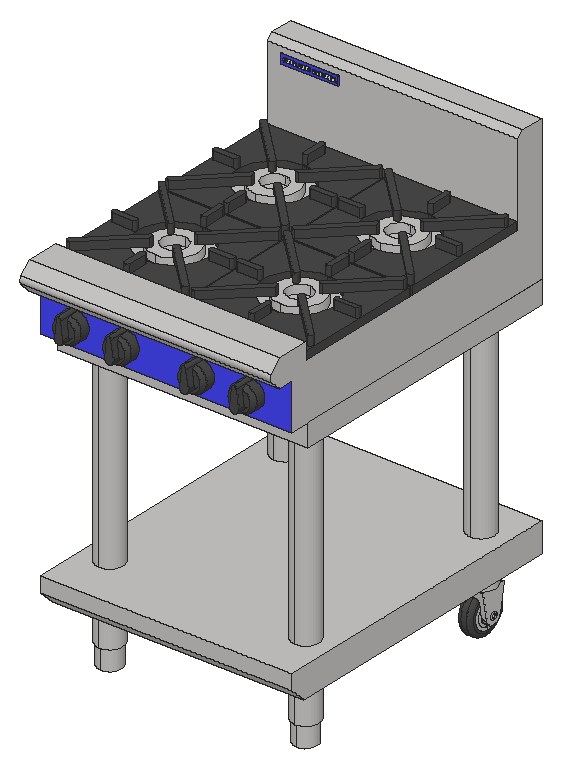
Revit family "QF_MOFFAT_BLUESEAL_CE_G514D-LS", category Specialty Equipment, Revit 2012
Parameters
  Weight in Pounds = 176  # constant formula
  URL Cutsheet = "www.moffat.com"
  URL = "www.moffat.com"
  Type Mark [instance] = ""
  Status [instance] = ""
  Specification by User [instance] = ""
  Specification by Manufacturer = ""
  Show Logo [instance] = yes
  Show Casters [instance] = yes
  Serial Number = ""
  Seismic Rating = ""
  SMACNA No = ""
  Revision Code [instance] = ""
  Omniclass Number and Title = ""
  NAFEM Spec ID Number = ""
  Model = "G514D-LS"
  Mechanical Remarks = ""
  Mechanical Connection Type = ""
  Masterspec = ""
  Manufacturer = "MOFFAT BLUESEAL"
  Legs [instance] = not(Show Casters)  # no
  Item Number [instance] = ""
  Installed By [instance] = ""
  Identify Quantity as Lot [instance] = yes
  Gas Size = 3/4"
  Gas RI Height = 0 mm
  Gas KW = 31
  Gas Input = 106155.0 Btu/h
  Gas Connection Height = 0 mm
  Furnished By [instance] = ""
  Foodservice Equipment Identifier [instance] = yes
  Description = "600MM GAS COOK TOP ON LEG STAND"
  CSI MasterFormat = ""
  CSI Master Format = ""
  Base Height [instance] = 150 mm
Reference planes
  plane 1 "BACK": y = 0
  plane 2: z = 0
  plane 3 "LEFT": x = 0
  plane 4 "RIGHT": x = 600
  plane 5 "FRONT": y = -812
  plane 6 "TOP": z = 970
  plane 7 "Center Y": x = 300
  plane 8 "Center X": y = -406
  plane 9 "Base Height": z = 150
  plane 10: z = 915
  plane 11: y = -31
  plane 12: x = 470
  plane 13: z = 1085
  plane 14: y = -625
  plane 15: y = -100
  plane 16: z = 655
Forms (mm)
  Extrusion 1, solid, material "QF_Finishes_Stainless Steel"
    sketch origin (0, 0, 0) x (0, 1, 0) y (0, 0, 1)
      loop
        line (-749, 850) -> (-749, 740) -> (0, 740) -> (0, 1085) -> (-57.5, 1085) -> (-70, 1072.5) -> (-70, 875) -> (-705, 875) -> (-705, 915) -> (-783.97, 915) -> (-808.485, 890.485)
        arc (-808.485, 890.485) -> (-811.999, 882) -> (-808.485, 873.515) r 12
        line (-808.485, 873.515) -> (-784.97, 850) -> (-749, 850)
      loop
        line (0, 685) -> (0, 739.5) -> (-699, 739.5) -> (-699, 685) -> (0, 685)
      loop
        line (0, 222.5) -> (-749, 222.5) -> (-749, 186) -> (-713, 150) -> (0, 150) -> (0, 222.5)
    from 0 to 600
  Revolve 2, solid, material "QF_Finishes_Black"
    sketch origin (90, 7, 600) x (0, 1, 0) y (0, 0, -1)
      loop
        line (-789, -229.5) -> (-766, -229.5) -> (-766, -202) -> (-756, -202) -> (-756, -197) -> (-800, -197) -> (-800, -223.651) -> (-789, -229.5)
      axis (-800, -197) -> (-756, -197)
    angle from 0 to 360
  Extrusion 3, solid, material "QF_Finishes_Black"
    sketch origin (90, -759, 797) x (0, 0, 1) y (1, 0, 0)
      loop
        arc (32.192, -4.965) -> (37.079, 0.034) -> (32.192, 5.033) r 5
        line (32.192, 5.033) -> (-10.726, 10.453)
        arc (-10.726, 10.453) -> (-22.392, 0.618) -> (-11.893, -10.454) r 10.487
        line (-11.893, -10.454) -> (32.192, -4.965)
    from 0 to -49
  Extrusion 4, solid, material "QF_Finishes_Stainless Steel"
    sketch origin (0, 0, 222.5) x (0, -1, 0) y (1, 0, 0)
      loop
        circle (100, 65) r 31.75
      loop
        circle (625, 65) r 31.75
      loop
        circle (100, 535) r 31.75
      loop
        circle (625, 535) r 31.75
    from 0 to 462.5
  Revolve 5, solid, material "QF_Finishes_Stainless Steel", visible <- "Legs"
    sketch origin (65.5, -166, 0) x (0, 1, 0) y (0, 0, 1)
      loop
        line (34.25, 150) -> (34.25, 50) -> (38.5, 50) -> (38.5, 0) -> (66, 0) -> (66, 150) -> (34.25, 150)
      axis (66, 150) -> (66, 0)
    angle from 0 to 360
  Revolve 6, solid, material "QF_Finishes_Stainless Steel"
    sketch origin (65.5, -735, 0) x (0, 1, 0) y (0, 0, 1)
      loop
        line (78.25, 150) -> (78.25, 50) -> (82.5, 50) -> (82.5, 0) -> (110, 0) -> (110, 150) -> (78.25, 150)
      axis (110, 150) -> (110, 0)
    angle from 0 to 360
  Revolve 7, solid, material "QF_Finishes_Stainless Steel", visible <- "Legs"
    sketch origin (534.5, -166, 0) x (0, 1, 0) y (0, 0, -1)
      loop
        line (34.25, -150) -> (66, -150) -> (66, 0) -> (38.5, 0) -> (38.5, -50) -> (34.25, -50) -> (34.25, -150)
      axis (66, -150) -> (66, 0)
    angle from 0 to 360
  Revolve 8, solid, material "QF_Finishes_Stainless Steel"
    sketch origin (534.5, -728, 0) x (0, 1, 0) y (0, 0, -1)
      loop
        line (71.25, -150) -> (103, -150) -> (103, 0) -> (75.5, 0) -> (75.5, -50) -> (71.25, -50) -> (71.25, -150)
      axis (103, -150) -> (103, 0)
    angle from 0 to 360
  Revolve 9, solid, material "QF_Finishes_Black"
    sketch origin (390, 7, 600) x (0, 1, 0) y (0, 0, -1)
      loop
        line (-789, -229.5) -> (-766, -229.5) -> (-766, -202) -> (-756, -202) -> (-756, -197) -> (-800, -197) -> (-800, -223.651) -> (-789, -229.5)
      axis (-800, -197) -> (-756, -197)
    angle from 0 to 360
  Extrusion 10, solid, material "QF_Finishes_Black"
    sketch origin (390, -759, 797) x (0, 0, 1) y (1, 0, 0)
      loop
        arc (32.192, -4.965) -> (37.079, 0.034) -> (32.192, 5.033) r 5
        line (32.192, 5.033) -> (-10.726, 10.453)
        arc (-10.726, 10.453) -> (-22.392, 0.618) -> (-11.893, -10.454) r 10.487
        line (-11.893, -10.454) -> (32.192, -4.965)
    from 0 to -49
  Revolve 11, solid, material "QF_Finishes_Stainless Steel", visible <- "Show Casters"
    sketch origin (16.276, -100.755, -13.653) x (1, 0, 0) y (0, 0, 1)
      loop
        line (14.841, 63.604) -> (83.584, 63.604) -> (83.584, 67.109) -> (82.314, 68.379) -> (80.79, 68.379) -> (80.79, 71.826) -> (68.644, 71.826) -> (68.644, 81.79) -> (65.088, 83.843) -> (63.738, 92.179) -> (65.881, 92.179) -> (65.881, 98.529) -> (65.088, 98.529) -> (65.088, 104.879)
        arc (65.088, 104.879) -> (62.298, 111.614) -> (55.563, 114.404) r 9.525
        line (55.563, 114.404) -> (42.863, 114.404)
        arc (42.863, 114.404) -> (36.127, 111.614) -> (33.338, 104.879) r 9.525
        line (33.338, 104.879) -> (33.338, 98.529) -> (32.544, 98.529) -> (32.544, 92.179) -> (34.687, 92.179) -> (33.352, 83.932) -> (29.782, 81.871) -> (29.782, 71.826) -> (17.635, 71.826) -> (17.635, 68.379) -> (16.111, 68.379) -> (14.841, 67.109) -> (14.841, 63.604)
      axis (14.841, 63.604) -> (83.584, 63.604)
    angle from 0 to 360
  Extrusion 12, solid, material "QF_Finishes_Stainless Steel", visible <- "Show Casters"
    sketch origin (72.001, 132.353, -8.783) x (0, 1, 0) y (0, 0, 1)
      loop
        line (-200.603, 118.783) -> (-264.103, 118.783) -> (-251.746, 53.895)
        arc (-251.746, 53.895) -> (-232.353, 38.783) -> (-212.959, 53.895) r 20
        line (-212.959, 53.895) -> (-200.603, 118.783)
    from -35.667 to 22.923
  Revolve 13, solid, material "QF_Finishes_Stainless Steel", visible <- "Show Casters"
    sketch origin (65.5, -204, 0) x (0, 1, 0) y (0, 0, 1)
      loop
        line (68.25, 150) -> (68.25, 110) -> (104, 110) -> (104, 150) -> (68.25, 150)
      axis (104, 150) -> (104, 110)
    angle from 0 to 360
  Revolve 14, solid, material "QF_Finishes_Stainless Steel", visible <- "Legs"
    sketch origin (65.5, -166, 0) x (0, 1, 0) y (0, 0, 1)
      loop
        line (34.25, 150) -> (34.25, 50) -> (38.5, 50) -> (38.5, 0) -> (66, 0) -> (66, 150) -> (34.25, 150)
      axis (66, 150) -> (66, 0)
    angle from 0 to 360
  Revolve 15, solid, material "QF_Finishes_Stainless Steel", visible <- "Show Casters"
    sketch origin (485.276, -100.755, -13.653) x (1, 0, 0) y (0, 0, 1)
      loop
        line (14.841, 63.604) -> (83.584, 63.604) -> (83.584, 67.109) -> (82.314, 68.379) -> (80.79, 68.379) -> (80.79, 71.826) -> (68.644, 71.826) -> (68.644, 81.79) -> (65.088, 83.843) -> (63.738, 92.179) -> (65.881, 92.179) -> (65.881, 98.529) -> (65.088, 98.529) -> (65.088, 104.879)
        arc (65.088, 104.879) -> (62.298, 111.614) -> (55.563, 114.404) r 9.525
        line (55.563, 114.404) -> (42.863, 114.404)
        arc (42.863, 114.404) -> (36.127, 111.614) -> (33.338, 104.879) r 9.525
        line (33.338, 104.879) -> (33.338, 98.529) -> (32.544, 98.529) -> (32.544, 92.179) -> (34.687, 92.179) -> (33.352, 83.932) -> (29.782, 81.871) -> (29.782, 71.826) -> (17.635, 71.826) -> (17.635, 68.379) -> (16.111, 68.379) -> (14.841, 67.109) -> (14.841, 63.604)
      axis (14.841, 63.604) -> (83.584, 63.604)
    angle from 0 to 360
  Extrusion 16, solid, material "QF_Finishes_Stainless Steel", visible <- "Show Casters"
    sketch origin (541.001, 132.353, -8.783) x (0, 1, 0) y (0, 0, 1)
      loop
        line (-200.603, 118.783) -> (-264.103, 118.783) -> (-251.746, 53.895)
        arc (-251.746, 53.895) -> (-232.353, 38.783) -> (-212.959, 53.895) r 20
        line (-212.959, 53.895) -> (-200.603, 118.783)
    from -35.667 to 22.923
  Revolve 17, solid, material "QF_Finishes_Stainless Steel", visible <- "Show Casters"
    sketch origin (534.5, -204, 0) x (0, 1, 0) y (0, 0, 1)
      loop
        line (68.25, 150) -> (68.25, 110) -> (104, 110) -> (104, 150) -> (68.25, 150)
      axis (104, 150) -> (104, 110)
    angle from 0 to 360
  Revolve 18, solid, material "QF_Finishes_Black"
    sketch origin (210, 7, 599.5) x (0, 1, 0) y (0, 0, -1)
      loop
        line (-789, -229.5) -> (-766, -229.5) -> (-766, -202) -> (-756, -202) -> (-756, -197) -> (-800, -197) -> (-800, -223.651) -> (-789, -229.5)
      axis (-800, -197) -> (-756, -197)
    angle from 0 to 360
  Extrusion 19, solid, material "QF_Finishes_Black"
    sketch origin (210, -759, 796.5) x (0, 0, 1) y (1, 0, 0)
      loop
        arc (32.192, -4.965) -> (37.079, 0.034) -> (32.192, 5.033) r 5
        line (32.192, 5.033) -> (-10.726, 10.453)
        arc (-10.726, 10.453) -> (-22.392, 0.618) -> (-11.893, -10.454) r 10.487
        line (-11.893, -10.454) -> (32.192, -4.965)
    from 0 to -49
  Revolve 20, solid, material "QF_Finishes_Black"
    sketch origin (510, 7, 600) x (0, 1, 0) y (0, 0, -1)
      loop
        line (-789, -229.5) -> (-766, -229.5) -> (-766, -202) -> (-756, -202) -> (-756, -197) -> (-800, -197) -> (-800, -223.651) -> (-789, -229.5)
      axis (-800, -197) -> (-756, -197)
    angle from 0 to 360
  Extrusion 21, solid, material "QF_Finishes_Black"
    sketch origin (510, -759, 797) x (0, 0, 1) y (1, 0, 0)
      loop
        arc (32.192, -4.965) -> (37.079, 0.034) -> (32.192, 5.033) r 5
        line (32.192, 5.033) -> (-10.726, 10.453)
        arc (-10.726, 10.453) -> (-22.392, 0.618) -> (-11.893, -10.454) r 10.487
        line (-11.893, -10.454) -> (32.192, -4.965)
    from 0 to -49
  Extrusion 22, solid, material "QF_Finishes_Stainless Steel"
    sketch origin (0, 0, 685) x (-1, 0, 0) y (0, 1, 0)
      loop
        circle (-470, -32) r 6.35
    from 0 to 30
Lines and regions (mm)
  Split face 1
    outline origin (0, -56.5, 1085) x (0, 1, 0) y (-1, 0, 0)
      loop
        arc (11.115, -264.794) -> (16.115, -273.455) -> (26.115, -273.455) r 10
        line (26.115, -273.455) -> (33.115, -269.413)
        arc (33.115, -269.413) -> (36.775, -265.753) -> (38.115, -260.753) r 10
        line (38.115, -260.753) -> (38.115, -32.794)
        arc (38.115, -32.794) -> (33.115, -24.134) -> (23.115, -24.134) r 10
        line (23.115, -24.134) -> (16.115, -28.176)
        arc (16.115, -28.176) -> (12.455, -31.836) -> (11.115, -36.836) r 10
        line (11.115, -36.836) -> (11.115, -264.794)
  Split face 2
    outline origin (0, -56.5, 1085) x (0, 1, 0) y (-1, 0, 0)
      loop
        arc (11.115, -564.794) -> (16.115, -573.455) -> (26.115, -573.455) r 10
        line (26.115, -573.455) -> (33.115, -569.413)
        arc (33.115, -569.413) -> (36.775, -565.753) -> (38.115, -560.753) r 10
        line (38.115, -560.753) -> (38.115, -332.794)
        arc (38.115, -332.794) -> (33.115, -324.134) -> (23.115, -324.134) r 10
        line (23.115, -324.134) -> (16.115, -328.176)
        arc (16.115, -328.176) -> (12.455, -331.836) -> (11.115, -336.836) r 10
        line (11.115, -336.836) -> (11.115, -564.794)
  symbolic lines, style "SpecialityEquipmentHiddenLines", visible <- "Show Casters"
    curve 1: line (78.456, -46.735, 0) -> (105.952, -62.61, 0)
    curve 2: line (27.656, -134.723, 0) -> (78.456, -46.735, 0)
    curve 3: line (55.152, -150.598, 0) -> (27.656, -134.723, 0)
    curve 4: line (105.952, -62.61, 0) -> (55.152, -150.598, 0)
    curve 5: line (548.456, -46.735, 0) -> (575.952, -62.61, 0)
    curve 6: line (497.656, -134.723, 0) -> (548.456, -46.735, 0)
    curve 7: line (525.152, -150.598, 0) -> (497.656, -134.723, 0)
    curve 8: line (575.952, -62.61, 0) -> (525.152, -150.598, 0)
  symbolic lines
    curve 9: line (260.753, -18.385, 0) -> (32.794, -18.385, 0)
    curve 10: arc (32.794, -18.385, 0) -> (24.134, -23.385, 0) -> (24.134, -33.385, 0) r 10
    curve 11: line (24.134, -33.385, 0) -> (28.176, -40.385, 0)
    curve 12: arc (28.176, -40.385, 0) -> (31.836, -44.045, 0) -> (36.836, -45.385, 0) r 10
    curve 13: line (36.836, -45.385, 0) -> (264.794, -45.385, 0)
    curve 14: arc (264.794, -45.385, 0) -> (273.455, -40.385, 0) -> (273.455, -30.385, 0) r 10
    curve 15: line (273.455, -30.385, 0) -> (269.413, -23.385, 0)
    curve 16: arc (269.413, -23.385, 0) -> (265.753, -19.725, 0) -> (260.753, -18.385, 0) r 10
    curve 17: line (332.794, -18.385, 0) -> (560.753, -18.385, 0)
    curve 18: arc (560.753, -18.385, 0) -> (565.753, -19.725, 0) -> (569.413, -23.385, 0) r 10
    curve 19: line (569.413, -23.385, 0) -> (573.455, -30.385, 0)
    curve 20: arc (573.455, -30.385, 0) -> (573.455, -40.385, 0) -> (564.794, -45.385, 0) r 10
    curve 21: line (564.794, -45.385, 0) -> (336.836, -45.385, 0)
    curve 22: arc (336.836, -45.385, 0) -> (331.836, -44.045, 0) -> (328.176, -40.385, 0) r 10
    curve 23: line (328.176, -40.385, 0) -> (324.134, -33.385, 0)
    curve 24: arc (324.134, -33.385, 0) -> (324.134, -23.385, 0) -> (332.794, -18.385, 0) r 10
    curve 25: line (0, -783.97, 0) -> (600, -783.97, 0)
    curve 26: line (0, 0, 0) -> (0, -811.999, 0)
    curve 27: line (600, -811.999, 0) -> (600, 0, 0)
    curve 28: line (600, -811.999, 0) -> (0, -811.999, 0)
    curve 29: line (0, -70, 0) -> (600, -70, 0)
    curve 30: line (0, -57.5, 0) -> (600, -57.5, 0)
    curve 31: line (600, 0, 0) -> (0, 0, 0)
Dimensions and locks
  equal spacing: plane 3 "LEFT", plane 7 "Center Y", plane 4 "RIGHT"
  plane 3 "LEFT" to plane 4 "RIGHT" = 600 mm
  equal spacing: plane 5 "FRONT", plane 8 "Center X", plane 1 "BACK"
  plane 5 "FRONT" to plane 1 "BACK" = 812 mm  (x2)
  equal spacing: plane 4 "RIGHT", plane 7 "Center Y", plane 3 "LEFT"
  plane 4 "RIGHT" to plane 3 "LEFT" = 600 mm
  "Base Height": plane 9 "Base Height" to level
  plane 6 "TOP" to level = 970 mm
  plane 10 to level = 915 mm
  plane 11 to plane 1 "BACK" = 31 mm
  plane 12 to plane 4 "RIGHT" = 130 mm
  plane 13 to plane 2 = 1085 mm
  Revolve 11 sketch curve to Revolve 11 sketch curve = 50.8 mm
  Revolve 15 sketch curve to Revolve 15 sketch curve = 50.8 mm
  plane 16 to plane 2 = 655 mm
  aligned and locked: level to plane 2
Automatic sketch dimensions
  plane 1 "BACK" to curve 31 = 0 mm
  curve 31 to plane 3 "LEFT" = 0 mm
  curve 27 to plane 4 "RIGHT" = 0 mm
  plane 3 "LEFT" to curve 3 = 27.656 mm
  curve 10 to plane 11 = 2.385 mm
  plane 3 "LEFT" to curve 10 = 24.134 mm
  curve 11 to curve 12 = 4.041 mm
  curve 10 to curve 9 = 8.66 mm
  curve 12 to plane 11 = 4.385 mm
  curve 10 to curve 12 = 4.041 mm
  curve 2 to curve 3 = 27.496 mm
  curve 2 to plane 11 = 15.735 mm
  curve 12 to curve 2 = 41.62 mm
  plane 11 to curve 9 = 12.615 mm
  curve 9 to plane 7 "Center Y" = 39.247 mm
  curve 14 to plane 11 = 4.385 mm
  curve 16 to curve 14 = 4.041 mm
  plane 11 to curve 15 = 7.615 mm
  curve 16 to curve 15 = 8.66 mm
  plane 11 to curve 14 = 0.615 mm
  curve 15 to curve 14 = 4.041 mm
  curve 24 to plane 11 = 2.385 mm
  plane 7 "Center Y" to curve 24 = 24.134 mm
  curve 23 to plane 11 = 9.385 mm
  curve 23 to curve 23 = 4.041 mm
  plane 11 to curve 17 = 12.615 mm
  curve 24 to curve 17 = 8.66 mm
  curve 23 to curve 22 = 8.66 mm
  plane 12 to curve 7 = 27.656 mm
  curve 6 to curve 8 = 27.496 mm
  curve 6 to plane 11 = 15.735 mm
  plane 4 "RIGHT" to curve 6 = 51.544 mm
  curve 5 to curve 18 = 12.297 mm
  curve 5 to curve 21 = 16.339 mm
  plane 11 to curve 19 = 7.615 mm
  curve 17 to curve 19 = 8.66 mm
  plane 11 to curve 20 = 0.615 mm
  curve 18 to curve 20 = 4.041 mm
  curve 30 to plane 11 = 26.5 mm
  curve 4 to curve 1 = 15.875 mm
  curve 5 to curve 30 = 5.11 mm
  curve 29 to curve 30 = 12.5 mm
  curve 25 to plane 5 "FRONT" = 28.03 mm
  curve 28 to plane 5 "FRONT" = 0.001 mm
  curve 22 to curve 23 = 5 mm
  plane 10 to Extrusion 1 sketch curve = 0 mm
  Extrusion 1 sketch curve to plane 9 "Base Height" = 0 mm
  plane 13 to Extrusion 1 sketch curve = 0 mm
  Extrusion 1 sketch curve to plane 1 "BACK" = 0 mm  (x3)
  Extrusion 1 sketch curve to plane 11 = 26.5 mm
  plane 13 to Extrusion 1 sketch curve = 12.5 mm
  Extrusion 1 sketch curve to Extrusion 1 sketch curve = 12.5 mm
  plane 14 to Extrusion 1 sketch curve = 74 mm
  plane 14 to Extrusion 1 sketch curve = 80 mm
  plane 14 to Extrusion 1 sketch curve = 88 mm
  Extrusion 1 sketch curve to Extrusion 1 sketch curve = 44 mm
  Extrusion 1 sketch curve to Extrusion 1 sketch curve = 36 mm
  Extrusion 1 sketch curve to plane 5 "FRONT" = 28.03 mm
  Extrusion 1 sketch curve to plane 5 "FRONT" = 27.03 mm
  Extrusion 1 sketch curve to plane 5 "FRONT" = 12.001 mm
  Extrusion 1 sketch curve to plane 5 "FRONT" = 3.515 mm  (x2)
  plane 9 "Base Height" to Extrusion 1 sketch curve = 36 mm
  plane 9 "Base Height" to Extrusion 1 sketch curve = 72.5 mm
  Extrusion 1 sketch curve to Extrusion 1 sketch curve = 0.5 mm
  plane 10 to Extrusion 1 sketch curve = 65 mm
  Extrusion 1 sketch curve to Extrusion 1 sketch curve = 23.515 mm
  plane 10 to Extrusion 1 sketch curve = 40 mm
  Extrusion 1 sketch curve to Extrusion 1 sketch curve = 8.485 mm
  Revolve 2 sketch curve to plane 5 "FRONT" = 19 mm
  Revolve 2 sketch curve to Revolve 2 sketch curve = 0 mm  (x2)
  Revolve 2 sketch curve to Revolve 2 sketch curve = 11 mm
  Revolve 2 sketch curve to Revolve 2 sketch curve = 12.7 mm
  Revolve 2 sketch curve to Revolve 2 sketch curve = 23 mm
  Revolve 2 sketch curve to Revolve 2 sketch curve = 10 mm
  plane 10 to Revolve 2 sketch curve = 85.5 mm
  Revolve 2 sketch curve to Revolve 2 sketch curve = 5.849 mm
  Revolve 2 sketch curve to Revolve 2 sketch curve = 27.5 mm
  Revolve 2 sketch curve to Revolve 2 sketch curve = 5 mm
  Extrusion 3 sketch curve to Revolve 2 = 0.034 mm  (x2)
  Revolve 2 to Extrusion 3 sketch curve = 10.454 mm
  Extrusion 3 sketch curve to Extrusion 3 sketch curve = 0.028 mm
  Extrusion 3 sketch curve to Revolve 2 = 10.453 mm
  Extrusion 3 sketch curve to Extrusion 3 sketch curve = 44 mm
  Extrusion 3 sketch curve to Revolve 2 = 5.033 mm
  Extrusion 3 sketch curve to Extrusion 3 sketch curve = 0.113 mm
  Revolve 2 to Extrusion 3 sketch curve = 4.965 mm
  Extrusion 4 sketch curve to Extrusion 4 sketch curve = 0 mm  (x8)
  Extrusion 1 to Extrusion 4 sketch curve = 68.25 mm  (x2)
  Extrusion 4 sketch curve to Extrusion 4 sketch curve = 31.75 mm  (x4)
  Extrusion 4 sketch curve to Extrusion 1 = 155.75 mm  (x2)
  Extrusion 1 to Extrusion 4 sketch curve = 65 mm  (x4)
  Revolve 5 sketch curve to plane 9 "Base Height" = 0 mm
  Revolve 5 sketch curve to level = 0 mm
  Revolve 5 sketch curve to plane 15 = 0 mm  (x2)
  Revolve 5 sketch curve to Revolve 5 sketch curve = 27.5 mm
  Revolve 5 sketch curve to Revolve 5 sketch curve = 31.75 mm
  Revolve 5 sketch curve to Revolve 5 sketch curve = 55 mm
  level to Revolve 5 sketch curve = 50 mm
  Revolve 5 sketch curve to Revolve 5 sketch curve = 0 mm
  Revolve 6 sketch curve to plane 9 "Base Height" = 0 mm
  Revolve 6 sketch curve to level = 0 mm
  Revolve 6 sketch curve to plane 14 = 0 mm  (x2)
  Revolve 6 sketch curve to Revolve 6 sketch curve = 27.5 mm
  Revolve 6 sketch curve to Revolve 6 sketch curve = 31.75 mm
  Revolve 6 sketch curve to Revolve 6 sketch curve = 55 mm
  level to Revolve 6 sketch curve = 50 mm
  Revolve 6 sketch curve to Revolve 6 sketch curve = 0 mm
  Revolve 7 sketch curve to plane 9 "Base Height" = 0 mm
  Revolve 7 sketch curve to level = 0 mm
  Revolve 7 sketch curve to plane 15 = 0 mm  (x2)
  plane 15 to Revolve 7 sketch curve = 27.5 mm
  plane 15 to Revolve 7 sketch curve = 31.75 mm
  level to Revolve 7 sketch curve = 50 mm
  Revolve 7 sketch curve to Revolve 7 sketch curve = 0 mm
  Revolve 7 sketch curve to Revolve 7 sketch curve = 55 mm
  Revolve 8 sketch curve to plane 9 "Base Height" = 0 mm
  Revolve 8 sketch curve to level = 0 mm
  Revolve 8 sketch curve to plane 14 = 0 mm  (x2)
  plane 14 to Revolve 8 sketch curve = 27.5 mm
  plane 14 to Revolve 8 sketch curve = 31.75 mm
  level to Revolve 8 sketch curve = 50 mm
  Revolve 8 sketch curve to Revolve 8 sketch curve = 0 mm
  Revolve 8 sketch curve to Revolve 8 sketch curve = 55 mm
  Revolve 9 sketch curve to plane 5 "FRONT" = 19 mm
  Revolve 9 sketch curve to Revolve 9 sketch curve = 0 mm  (x2)
  Revolve 9 sketch curve to Revolve 9 sketch curve = 11 mm
  Revolve 9 sketch curve to Revolve 9 sketch curve = 12.7 mm
  Revolve 9 sketch curve to Revolve 9 sketch curve = 23 mm
  Revolve 9 sketch curve to Revolve 9 sketch curve = 10 mm
  plane 10 to Revolve 9 sketch curve = 85.5 mm
  Revolve 9 sketch curve to Revolve 9 sketch curve = 5.849 mm
  Revolve 9 sketch curve to Revolve 9 sketch curve = 27.5 mm
  Revolve 9 sketch curve to Revolve 9 sketch curve = 5 mm
  Extrusion 10 sketch curve to Revolve 9 = 0.034 mm  (x2)
  Revolve 9 to Extrusion 10 sketch curve = 10.454 mm
  Extrusion 10 sketch curve to Extrusion 10 sketch curve = 0.028 mm
  Extrusion 10 sketch curve to Revolve 9 = 10.453 mm
  Extrusion 10 sketch curve to Extrusion 10 sketch curve = 44 mm
  Extrusion 10 sketch curve to Revolve 9 = 5.033 mm
  Extrusion 10 sketch curve to Extrusion 10 sketch curve = 0.113 mm
  Revolve 9 to Extrusion 10 sketch curve = 4.965 mm
  plane 3 "LEFT" to Revolve 11 sketch curve = 31.118 mm
  Revolve 11 sketch curve to Revolve 11 sketch curve = 1.27 mm  (x4)
  Revolve 11 sketch curve to Revolve 11 sketch curve = 1.524 mm  (x2)
  Revolve 11 sketch curve to Revolve 11 sketch curve = 12.146 mm  (x2)
  Revolve 11 sketch curve to Revolve 11 sketch curve = 2.762 mm
  Revolve 11 sketch curve to Revolve 11 sketch curve = 0.794 mm  (x2)
  Revolve 11 sketch curve to Revolve 11 sketch curve = 3.57 mm
  Revolve 11 sketch curve to Revolve 11 sketch curve = 2.143 mm
  Revolve 11 sketch curve to Revolve 11 sketch curve = 9.525 mm
  Revolve 11 sketch curve to Revolve 11 sketch curve = 24.572 mm
  Revolve 11 sketch curve to Revolve 11 sketch curve = 12.7 mm
  Revolve 11 sketch curve to Revolve 11 sketch curve = 8.176 mm
  Revolve 11 sketch curve to Revolve 11 sketch curve = 1.349 mm  (x2)
  Revolve 11 sketch curve to Revolve 11 sketch curve = 3.556 mm
  Revolve 11 sketch curve to Revolve 11 sketch curve = 33.32 mm
  level to Revolve 11 sketch curve = 49.952 mm
  Revolve 11 sketch curve to Revolve 11 sketch curve = 0 mm
  Revolve 11 sketch curve to Revolve 11 sketch curve = 3.505 mm  (x2)
  Revolve 11 sketch curve to Revolve 11 sketch curve = 3.447 mm  (x2)
  Revolve 11 sketch curve to Revolve 11 sketch curve = 9.964 mm
  Revolve 11 sketch curve to Revolve 11 sketch curve = 10.045 mm
  Revolve 11 sketch curve to Revolve 11 sketch curve = 2.053 mm
  Revolve 11 sketch curve to Revolve 11 sketch curve = 2.061 mm
  Revolve 11 sketch curve to Revolve 11 sketch curve = 8.247 mm
  Revolve 11 sketch curve to Revolve 11 sketch curve = 8.336 mm
  Revolve 11 sketch curve to Revolve 11 sketch curve = 6.35 mm  (x2)
  Extrusion 12 sketch curve to plane 15 = 0 mm
  plane 15 to Extrusion 12 sketch curve = 19.393 mm
  plane 15 to Extrusion 12 sketch curve = 31.75 mm
  Extrusion 12 sketch curve to plane 15 = 19.393 mm
  Extrusion 12 sketch curve to plane 15 = 31.75 mm
  level to Extrusion 12 sketch curve = 45.111 mm
  Extrusion 12 sketch curve to Extrusion 12 sketch curve = 4.889 mm
  Extrusion 12 sketch curve to plane 9 "Base Height" = 40 mm
  Revolve 13 sketch curve to plane 9 "Base Height" = 0 mm
  Revolve 13 sketch curve to plane 15 = 0 mm  (x2)
  plane 15 to Revolve 13 sketch curve = 35.75 mm
  Revolve 13 sketch curve to Revolve 13 sketch curve = 40 mm
  level to Revolve 13 sketch curve = 50 mm
  Revolve 13 sketch curve to level = 55 mm
  Revolve 14 sketch curve to plane 9 "Base Height" = 0 mm
  Revolve 14 sketch curve to level = 0 mm
  Revolve 14 sketch curve to plane 15 = 0 mm  (x2)
  Revolve 14 sketch curve to Revolve 14 sketch curve = 27.5 mm
  Revolve 14 sketch curve to Revolve 14 sketch curve = 31.75 mm
  Revolve 14 sketch curve to Revolve 14 sketch curve = 55 mm
  level to Revolve 14 sketch curve = 50 mm
  Revolve 14 sketch curve to Revolve 14 sketch curve = 0 mm
  plane 12 to Revolve 15 sketch curve = 30.118 mm
  Revolve 15 sketch curve to Revolve 15 sketch curve = 1.27 mm  (x4)
  Revolve 15 sketch curve to Revolve 15 sketch curve = 1.524 mm  (x2)
  Revolve 15 sketch curve to Revolve 15 sketch curve = 12.146 mm  (x2)
  Revolve 15 sketch curve to Revolve 15 sketch curve = 2.762 mm
  Revolve 15 sketch curve to Revolve 15 sketch curve = 0.794 mm  (x2)
  Revolve 15 sketch curve to Revolve 15 sketch curve = 3.57 mm
  Revolve 15 sketch curve to Revolve 15 sketch curve = 2.143 mm
  Revolve 15 sketch curve to Revolve 15 sketch curve = 9.525 mm
  Revolve 15 sketch curve to Revolve 15 sketch curve = 24.572 mm
  Revolve 15 sketch curve to Revolve 15 sketch curve = 12.7 mm
  Revolve 15 sketch curve to Revolve 15 sketch curve = 8.176 mm
  Revolve 15 sketch curve to Revolve 15 sketch curve = 1.349 mm  (x2)
  Revolve 15 sketch curve to Revolve 15 sketch curve = 3.556 mm
  Revolve 15 sketch curve to plane 4 "RIGHT" = 2.18 mm
  level to Revolve 15 sketch curve = 49.952 mm
  Revolve 15 sketch curve to Revolve 15 sketch curve = 0 mm
  Revolve 15 sketch curve to Revolve 15 sketch curve = 3.505 mm  (x2)
  Revolve 15 sketch curve to Revolve 15 sketch curve = 3.447 mm  (x2)
  Revolve 15 sketch curve to Revolve 15 sketch curve = 9.964 mm
  Revolve 15 sketch curve to Revolve 15 sketch curve = 10.045 mm
  Revolve 15 sketch curve to Revolve 15 sketch curve = 2.053 mm
  Revolve 15 sketch curve to Revolve 15 sketch curve = 2.061 mm
  Revolve 15 sketch curve to Revolve 15 sketch curve = 8.247 mm
  Revolve 15 sketch curve to Revolve 15 sketch curve = 8.336 mm
  Revolve 15 sketch curve to Revolve 15 sketch curve = 6.35 mm  (x2)
  Extrusion 16 sketch curve to plane 15 = 0 mm
  plane 15 to Extrusion 16 sketch curve = 19.393 mm
  plane 15 to Extrusion 16 sketch curve = 31.75 mm
  Extrusion 16 sketch curve to plane 15 = 19.393 mm
  Extrusion 16 sketch curve to plane 15 = 31.75 mm
  level to Extrusion 16 sketch curve = 45.111 mm
  Extrusion 16 sketch curve to Extrusion 16 sketch curve = 4.889 mm
  Extrusion 16 sketch curve to plane 9 "Base Height" = 40 mm
  Revolve 17 sketch curve to plane 9 "Base Height" = 0 mm
  Revolve 17 sketch curve to plane 15 = 0 mm  (x2)
  Revolve 17 sketch curve to Revolve 17 sketch curve = 35.75 mm
  Revolve 17 sketch curve to Revolve 17 sketch curve = 40 mm
  level to Revolve 17 sketch curve = 50 mm
  Revolve 17 sketch curve to level = 55 mm
  Revolve 18 sketch curve to plane 5 "FRONT" = 19 mm
  Revolve 18 sketch curve to Revolve 18 sketch curve = 0 mm  (x2)
  Revolve 18 sketch curve to Revolve 18 sketch curve = 11 mm
  Revolve 18 sketch curve to Revolve 18 sketch curve = 12.7 mm
  Revolve 18 sketch curve to Revolve 18 sketch curve = 23 mm
  Revolve 18 sketch curve to Revolve 18 sketch curve = 10 mm
  plane 10 to Revolve 18 sketch curve = 86 mm
  Revolve 18 sketch curve to Revolve 18 sketch curve = 5.849 mm
  Revolve 18 sketch curve to Revolve 18 sketch curve = 27.5 mm
  Revolve 18 sketch curve to Revolve 18 sketch curve = 5 mm
  Extrusion 19 sketch curve to Revolve 18 = 0.034 mm  (x2)
  Revolve 18 to Extrusion 19 sketch curve = 10.454 mm
  Extrusion 19 sketch curve to Extrusion 19 sketch curve = 0.028 mm
  Extrusion 19 sketch curve to Revolve 18 = 10.453 mm
  Extrusion 19 sketch curve to Extrusion 19 sketch curve = 44 mm
  Extrusion 19 sketch curve to Revolve 18 = 5.033 mm
  Extrusion 19 sketch curve to Extrusion 19 sketch curve = 0.113 mm
  Revolve 18 to Extrusion 19 sketch curve = 4.965 mm
  Revolve 20 sketch curve to plane 5 "FRONT" = 19 mm
  Revolve 20 sketch curve to Revolve 20 sketch curve = 0 mm  (x2)
  Revolve 20 sketch curve to Revolve 20 sketch curve = 11 mm
  Revolve 20 sketch curve to Revolve 20 sketch curve = 12.7 mm
  Revolve 20 sketch curve to Revolve 20 sketch curve = 23 mm
  Revolve 20 sketch curve to Revolve 20 sketch curve = 10 mm
  plane 10 to Revolve 20 sketch curve = 85.5 mm
  Revolve 20 sketch curve to Revolve 20 sketch curve = 5.849 mm
  Revolve 20 sketch curve to Revolve 20 sketch curve = 27.5 mm
  Revolve 20 sketch curve to Revolve 20 sketch curve = 5 mm
  Extrusion 21 sketch curve to Revolve 20 = 0.034 mm  (x2)
  Revolve 20 to Extrusion 21 sketch curve = 10.454 mm
  Extrusion 21 sketch curve to Extrusion 21 sketch curve = 0.028 mm
  Extrusion 21 sketch curve to Revolve 20 = 10.453 mm
  Extrusion 21 sketch curve to Extrusion 21 sketch curve = 44 mm
  Extrusion 21 sketch curve to Revolve 20 = 5.033 mm
  Extrusion 21 sketch curve to Extrusion 21 sketch curve = 0.113 mm
  Revolve 20 to Extrusion 21 sketch curve = 4.965 mm
  Extrusion 1 sketch curve to Extrusion 1 sketch curve = 165 mm
  Extrusion 1 sketch curve to Extrusion 1 sketch curve = 54.5 mm
  Extrusion 22 sketch curve to Extrusion 22 sketch curve = 0 mm  (x2)
  Extrusion 22 sketch curve to Extrusion 1 = 25.65 mm
  Extrusion 22 sketch curve to Extrusion 1 = 130 mm
  Extrusion 22 sketch curve to Extrusion 22 sketch curve = 6.35 mm
  Split face 1 sketch curve to Extrusion 1 = 12.115 mm
  Split face 1 sketch curve to Split face 1 sketch curve = 5 mm  (x3)
  Split face 1 sketch curve to Split face 1 sketch curve = 10 mm  (x2)
  Split face 1 sketch curve to Split face 1 sketch curve = 7 mm  (x4)
  Split face 1 sketch curve to Extrusion 1 = 273.455 mm
  Split face 1 sketch curve to Split face 1 sketch curve = 4.041 mm  (x2)
  Split face 1 sketch curve to Extrusion 1 = 36.836 mm
  Split face 2 sketch curve to Extrusion 1 = 12.115 mm
  Split face 2 sketch curve to Split face 2 sketch curve = 5 mm  (x3)
  Split face 2 sketch curve to Split face 2 sketch curve = 10 mm  (x2)
  Split face 2 sketch curve to Split face 2 sketch curve = 7 mm  (x4)
  Split face 2 sketch curve to Extrusion 1 = 26.545 mm
  Split face 2 sketch curve to Split face 2 sketch curve = 4.041 mm  (x2)
  Split face 2 sketch curve to Split face 2 sketch curve = 223.917 mm
Nested families
  nested 1: "WALDORF LOGO_FACE BASE" at (32, -70, 1057.475) x (1, 0, 0) z (0, -1, 0), visible <- "Show Logo", type "WALDORF LOGO_FACE BASE", detail levels medium+fine
    with Show Logo yes
  nested 2: "GAS BURNER 600" at (0, -70, 875), type "GAS BURNER 600"
    with Width 600 mm, Type Mark "", Status "", Specification by User "", Revision Code "", Item Number "", Installed By "", Identify Quantity as Lot yes, Furnished By "", Foodservice Equipment Identifier yes, Depth 635 mm
Connectors
  piping at (470, -32, 655)
    settings: on Extrusion 22, index 1, connector radius 0.37402", flow factor 0, pipe flow 0 GPM, pressure drop 0.00 psi, fitting loss kfactor 0, connector angle 0.00°, fixture units 0, engagement length 0 mm, flow configuration 1, flow direction 1, fitting loss method 0, system type 7, joint type 0, gender type 0, connector reference index -1, connector utility 0, adjustable connector no, is connector primary yes, fitting loss table "", connector description "GAS CONNECTION"
Definition of nested family "WALDORF LOGO_FACE BASE"
  Parameters (values of type "WALDORF LOGO_FACE BASE")
    Show Logo [instance] = yes
    Default Elevation = 1219.2 mm
  Reference planes
    plane 1 "Center (Front/Back)": y = 0
    plane 2: z = 0
    plane 3 "Center (Left/Right)": x = 0
  Forms (mm)
    Extrusion 1, solid
      sketch origin (0, 0, 0) x (1, 0, 0) y (0, 1, 0)
        loop
          line (-1219.2, 1219.2) -> (-1219.2, -1219.2) -> (1219.2, -1219.2) -> (1219.2, 1219.2) -> (-1219.2, 1219.2)
      from 0 to -304.8
    Extrusion 2, solid, material "QF_Finishes_Blue", visible <- "Show Logo"
      sketch origin (0, -33.217, 0) x (1, 0, 0) y (0, 1, 0)
        loop
          arc (138, 31.942) -> (137.626, 32.844) -> (136.724, 33.217) r 1.276
          line (136.724, 33.217) -> (1.29, 33.217)
          arc (1.29, 33.217) -> (0.378, 32.839) -> (0, 31.927) r 1.29
          line (0, 31.927) -> (0, 11.507)
          arc (0, 11.507) -> (0.378, 10.595) -> (1.29, 10.217) r 1.29
          line (1.29, 10.217) -> (136.71, 10.217)
          arc (136.71, 10.217) -> (137.622, 10.595) -> (138, 11.507) r 1.29
          line (138, 11.507) -> (138, 31.942)
      from 0 to 1.588
    Extrusion 3, solid, material "QF_Finishes_White", visible <- "Show Logo"
      sketch origin (0, -33.217, 1.588) x (1, 0, 0) y (0, 1, 0)
        loop
          arc (108.946, 25.919) -> (107.613, 25.367) -> (107.061, 24.034) r 1.885
          line (107.061, 24.034) -> (107.061, 17.211) -> (112.704, 17.211) -> (112.704, 19.129) -> (115.546, 19.129) -> (115.546, 17.211) -> (121.584, 17.211) -> (121.584, 24.075)
          arc (121.584, 24.075) -> (121.043, 25.379) -> (119.739, 25.919) r 1.845
          line (119.739, 25.919) -> (108.946, 25.919)
        loop
          line (123.478, 25.919) -> (123.478, 17.163) -> (134.904, 17.163) -> (134.904, 19.129) -> (129.246, 19.129) -> (129.246, 25.919) -> (123.478, 25.919)
        loop
          line (112.704, 21.258) -> (115.546, 21.258) -> (115.546, 22.702)
          arc (115.546, 22.702) -> (115.344, 23.188) -> (114.858, 23.389) r 0.687
          line (114.858, 23.389) -> (113.363, 23.389)
          arc (113.363, 23.389) -> (112.897, 23.196) -> (112.704, 22.73) r 0.658
          line (112.704, 22.73) -> (112.704, 21.258)
        loop
          line (105.071, 25.919) -> (93.771, 25.919) -> (93.771, 17.163) -> (105.071, 17.163) -> (105.071, 19.063) -> (99.535, 19.063) -> (99.535, 20.437) -> (105.071, 20.437) -> (105.071, 22.278) -> (99.535, 22.278) -> (99.535, 23.587) -> (105.071, 23.587) -> (105.071, 25.919)
        loop
          line (91.104, 25.919) -> (79.541, 25.919)
          arc (79.541, 25.919) -> (78.558, 25.513) -> (78.152, 24.53) r 1.389
          line (78.152, 24.53) -> (78.152, 22.08)
          arc (78.152, 22.08) -> (78.558, 21.098) -> (79.541, 20.691) r 1.389
          line (79.541, 20.691) -> (86.346, 20.691) -> (86.346, 18.864) -> (83.266, 18.864) -> (83.266, 19.664) -> (78.152, 19.664) -> (78.152, 18.553)
          arc (78.152, 18.553) -> (78.558, 17.57) -> (79.541, 17.163) r 1.389
          line (79.541, 17.163) -> (91.063, 17.163)
          arc (91.063, 17.163) -> (92.045, 17.57) -> (92.452, 18.553) r 1.389
          line (92.452, 18.553) -> (92.452, 20.691)
          arc (92.452, 20.691) -> (92.045, 21.673) -> (91.063, 22.08) r 1.389
          line (91.063, 22.08) -> (83.266, 22.08) -> (83.266, 23.984) -> (86.346, 23.984) -> (86.346, 22.743) -> (92.452, 22.743) -> (92.452, 24.571)
          arc (92.452, 24.571) -> (92.057, 25.524) -> (91.104, 25.919) r 1.348
        loop
          line (70.705, 25.919) -> (59.405, 25.919) -> (59.405, 17.163) -> (70.705, 17.163) -> (70.705, 19.063) -> (65.169, 19.063) -> (65.169, 20.437) -> (70.705, 20.437) -> (70.705, 22.278) -> (65.169, 22.278) -> (65.169, 23.587) -> (70.705, 23.587) -> (70.705, 25.919)
        loop
          line (57.598, 25.919) -> (51.7, 25.919) -> (51.7, 20.18)
          arc (51.7, 20.18) -> (50.63, 19.11) -> (49.56, 20.18) r 1.07
          line (49.56, 20.18) -> (49.56, 25.919) -> (43.663, 25.919) -> (43.663, 19.049)
          arc (43.663, 19.049) -> (44.215, 17.716) -> (45.548, 17.163) r 1.885
          line (45.548, 17.163) -> (55.71, 17.163)
          arc (55.71, 17.163) -> (57.045, 17.716) -> (57.598, 19.051) r 1.887
          line (57.598, 19.051) -> (57.598, 25.919)
        loop
          line (31.62, 25.919) -> (31.62, 17.163) -> (43.046, 17.163) -> (43.046, 19.129) -> (37.388, 19.129) -> (37.388, 25.919) -> (31.62, 25.919)
        loop
          line (15.969, 25.919) -> (15.969, 17.163) -> (28.693, 17.163)
          arc (28.693, 17.163) -> (29.812, 17.627) -> (30.276, 18.746) r 1.582
          line (30.276, 18.746) -> (30.276, 20.447) -> (29.48, 21.243) -> (30.276, 22.039) -> (30.276, 24.332)
          arc (30.276, 24.332) -> (29.811, 25.454) -> (28.688, 25.919) r 1.587
          line (28.688, 25.919) -> (15.969, 25.919)
        loop
          line (21.449, 24.159) -> (21.449, 22.436) -> (23.862, 22.436)
          arc (23.862, 22.436) -> (24.723, 23.298) -> (23.862, 24.159) r 0.861
          line (23.862, 24.159) -> (21.449, 24.159)
        loop
          line (21.449, 20.244) -> (21.449, 18.522) -> (23.862, 18.522)
          arc (23.862, 18.522) -> (24.723, 19.383) -> (23.862, 20.244) r 0.861
          line (23.862, 20.244) -> (21.449, 20.244)
      from 0 to 0.2
    Extrusion 4, solid, material "QF_Finishes_Blue", visible <- "Show Logo"
      sketch origin (-126.498, -31.09, 1.588) x (1, 0, 0) y (0, 1, 0)
        loop
          line (136.738, 23.522) -> (136.738, 15.1)
          arc (136.738, 15.1) -> (140.756, 19.311) -> (136.738, 23.522) r 4.216
      from 0 to 0.2
    Extrusion 5, solid, material "QF_Finishes_Red", visible <- "Show Logo"
      sketch origin (146.849, -31.09, 1.588) x (-1, 0, 0) y (0, -1, 0)
        loop
          arc (136.738, -23.522) -> (140.756, -19.311) -> (136.738, -15.1) r 4.216
          line (136.738, -15.1) -> (136.738, -23.522)
      from 0 to 0.2
  Lines and regions (mm)
    Split face 1
      outline origin (-90.35, -30.793, 1.588) x (1, 0, 0) y (0, 1, 0)
        loop
          circle (100.54, 19.013) r 4.536
  Dimensions and locks
    aligned and locked: plane 2 to Extrusion 1
    aligned and locked: level to Extrusion 1
Definition of nested family "GAS BURNER 600"
  Parameters (values of type "GAS BURNER 600")
    Width [instance] = 600 mm
    Weight in Pounds = 0
    URL Cutsheet = ""
    Type Mark [instance] = ""
    Status [instance] = ""
    Specification by User [instance] = ""
    Specification by Manufacturer = ""
    Serial Number = ""
    Seismic Rating = ""
    SMACNA No = ""
    Revision Code [instance] = ""
    Omniclass Number and Title = ""
    NAFEM Spec ID Number = ""
    Masterspec = ""
    Item Number [instance] = ""
    Installed By [instance] = ""
    Identify Quantity as Lot [instance] = yes
    Furnished By [instance] = ""
    Foodservice Equipment Identifier [instance] = yes
    Depth [instance] = 635 mm
    CSI MasterFormat = ""
    CSI Master Format = ""
  Reference planes
    plane 1 "BACK": y = 0
    plane 2: z = 0
    plane 3 "LEFT": x = 0
    plane 4 "RIGHT": x = 600
    plane 5 "FRONT": y = -635
    plane 6 "TOP": z = 142.5
    plane 7 "Center Y": x = 300
    plane 8 "Center X": y = -317.5
  Forms (mm)
    Extrusion 1, solid, material "QF_Finishes_Black"
      sketch origin (0, 0, 0) x (0, -1, 0) y (1, 0, 0)
        loop
          line (318.5, 4) -> (318.5, 296)
          arc (318.5, 296) -> (317.621, 298.121) -> (315.5, 299) r 3
          line (315.5, 299) -> (3, 299)
          arc (3, 299) -> (0.879, 298.121) -> (0, 296) r 3
          line (0, 296) -> (0, 4)
          arc (0, 4) -> (0.879, 1.879) -> (3, 1) r 3
          line (3, 1) -> (315.5, 1)
          arc (315.5, 1) -> (317.621, 1.879) -> (318.5, 4) r 3
        loop
          line (324.5, 1) -> (632, 1)
          arc (632, 1) -> (634.121, 1.879) -> (635, 4) r 3
          line (635, 4) -> (635, 296)
          arc (635, 296) -> (634.121, 298.121) -> (632, 299) r 3
          line (632, 299) -> (324.5, 299)
          arc (324.5, 299) -> (322.379, 298.121) -> (321.5, 296) r 3
          line (321.5, 296) -> (321.5, 4)
          arc (321.5, 4) -> (322.379, 1.879) -> (324.5, 1) r 3
        loop
          circle (168.5, 149.991) r 84.082
        loop
          circle (468.5, 149.991) r 84.082
      from 0 to 19.5
    Extrusion 2, solid, material "QF_Finishes_Black"
      sketch origin (0, 0, 19.5) x (0, -1, 0) y (1, 0, 0)
        loop
          spline (326.102, 15.153) -> (325.181, 13.924) -> (324.631, 12.47) -> (324.49, 10.89) -> (324.767, 9.292) -> (325.443, 7.786) -> (326.473, 6.473) -> (327.786, 5.443) -> (329.292, 4.767) -> (330.89, 4.49) -> (332.47, 4.631) -> (333.924, 5.181) -> (335.153, 6.102)
          line (335.153, 6.102) -> (443.076, 114.025)
          spline (443.076, 114.025) -> (443.837, 115.095) -> (444.238, 116.399) -> (444.251, 117.851) -> (443.875, 119.35) -> (443.137, 120.795) -> (442.086, 122.086) -> (440.795, 123.137) -> (439.35, 123.875) -> (437.851, 124.251) -> (436.399, 124.238) -> (435.095, 123.837) -> (434.025, 123.076)
          line (434.025, 123.076) -> (326.102, 15.153)
        loop
          spline (328.898, 156.4) -> (327.604, 156.182) -> (326.398, 155.543) -> (325.362, 154.525) -> (324.568, 153.2) -> (324.068, 151.656) -> (323.898, 150) -> (324.068, 148.344) -> (324.568, 146.8) -> (325.362, 145.475) -> (326.398, 144.457) -> (327.604, 143.818) -> (328.898, 143.6)
          line (328.898, 143.6) -> (378.102, 143.6)
          spline (378.102, 143.6) -> (379.396, 143.818) -> (380.602, 144.457) -> (381.638, 145.475) -> (382.432, 146.8) -> (382.932, 148.344) -> (383.102, 150) -> (382.932, 151.656) -> (382.432, 153.2) -> (381.638, 154.525) -> (380.602, 155.543) -> (379.396, 156.182) -> (378.102, 156.4)
          line (378.102, 156.4) -> (328.898, 156.4)
        loop
          spline (335.153, 293.898) -> (334.084, 294.659) -> (332.779, 295.059) -> (331.328, 295.072) -> (329.829, 294.697) -> (328.384, 293.959) -> (327.092, 292.908) -> (326.041, 291.616) -> (325.303, 290.171) -> (324.928, 288.672) -> (324.941, 287.221) -> (325.341, 285.916) -> (326.102, 284.847)
          line (326.102, 284.847) -> (434.025, 176.924)
          spline (434.025, 176.924) -> (435.095, 176.163) -> (436.399, 175.762) -> (437.851, 175.749) -> (439.35, 176.125) -> (440.795, 176.863) -> (442.086, 177.914) -> (443.137, 179.205) -> (443.875, 180.65) -> (444.251, 182.149) -> (444.238, 183.601) -> (443.837, 184.905) -> (443.076, 185.975)
          line (443.076, 185.975) -> (335.153, 293.898)
        loop
          line (463.6, 291.102) -> (463.6, 241.898)
          spline (463.6, 241.898) -> (463.818, 240.604) -> (464.457, 239.398) -> (465.475, 238.362) -> (466.8, 237.568) -> (468.344, 237.068) -> (470, 236.898) -> (471.656, 237.068) -> (473.2, 237.568) -> (474.525, 238.362) -> (475.543, 239.398) -> (476.182, 240.604) -> (476.4, 241.898)
          line (476.4, 241.898) -> (476.4, 291.102)
          spline (476.4, 291.102) -> (476.182, 292.396) -> (475.543, 293.602) -> (474.525, 294.638) -> (473.2, 295.432) -> (471.656, 295.932) -> (470, 296.102) -> (468.344, 295.932) -> (466.8, 295.432) -> (465.475, 294.638) -> (464.457, 293.602) -> (463.818, 292.396) -> (463.6, 291.102)
        loop
          spline (612.398, 284.847) -> (613.159, 285.916) -> (613.559, 287.221) -> (613.572, 288.672) -> (613.197, 290.171) -> (612.459, 291.616) -> (611.408, 292.908) -> (610.116, 293.959) -> (608.671, 294.697) -> (607.172, 295.072) -> (605.721, 295.059) -> (604.416, 294.659) -> (603.347, 293.898)
          line (603.347, 293.898) -> (496.924, 185.975)
          spline (496.924, 185.975) -> (496.163, 184.905) -> (495.762, 183.601) -> (495.749, 182.149) -> (496.125, 180.65) -> (496.863, 179.205) -> (497.914, 177.914) -> (499.205, 176.863) -> (500.65, 176.125) -> (502.149, 175.749) -> (503.601, 175.762) -> (504.905, 176.163) -> (505.975, 176.924)
          line (505.975, 176.924) -> (612.398, 284.847)
        loop
          spline (609.602, 143.6) -> (610.896, 143.818) -> (612.102, 144.457) -> (613.138, 145.475) -> (613.932, 146.8) -> (614.432, 148.344) -> (614.602, 150) -> (614.432, 151.656) -> (613.932, 153.2) -> (613.138, 154.525) -> (612.102, 155.543) -> (610.896, 156.182) -> (609.602, 156.4)
          line (609.602, 156.4) -> (561.898, 156.4)
          spline (561.898, 156.4) -> (560.604, 156.182) -> (559.398, 155.543) -> (558.362, 154.525) -> (557.568, 153.2) -> (557.068, 151.656) -> (556.898, 150) -> (557.068, 148.344) -> (557.568, 146.8) -> (558.362, 145.475) -> (559.398, 144.457) -> (560.604, 143.818) -> (561.898, 143.6)
          line (561.898, 143.6) -> (609.602, 143.6)
        loop
          line (612.398, 15.153) -> (505.975, 123.076)
          spline (505.975, 123.076) -> (504.905, 123.837) -> (503.601, 124.238) -> (502.149, 124.251) -> (500.65, 123.875) -> (499.205, 123.137) -> (497.914, 122.086) -> (496.863, 120.795) -> (496.125, 119.35) -> (495.749, 117.851) -> (495.762, 116.399) -> (496.163, 115.095) -> (496.924, 114.025)
          line (496.924, 114.025) -> (603.347, 6.102)
          spline (603.347, 6.102) -> (604.416, 5.341) -> (605.721, 4.941) -> (607.172, 4.928) -> (608.671, 5.303) -> (610.116, 6.041) -> (611.408, 7.092) -> (612.459, 8.384) -> (613.197, 9.829) -> (613.572, 11.328) -> (613.559, 12.779) -> (613.159, 14.084) -> (612.398, 15.153)
        loop
          line (476.4, 8.898) -> (476.4, 58.102)
          spline (476.4, 58.102) -> (476.182, 59.396) -> (475.543, 60.602) -> (474.525, 61.638) -> (473.2, 62.432) -> (471.656, 62.932) -> (470, 63.102) -> (468.344, 62.932) -> (466.8, 62.432) -> (465.475, 61.638) -> (464.457, 60.602) -> (463.818, 59.396) -> (463.6, 58.102)
          line (463.6, 58.102) -> (463.6, 8.898)
          spline (463.6, 8.898) -> (463.818, 7.604) -> (464.457, 6.398) -> (465.475, 5.362) -> (466.8, 4.568) -> (468.344, 4.068) -> (470, 3.898) -> (471.656, 4.068) -> (473.2, 4.568) -> (474.525, 5.362) -> (475.543, 6.398) -> (476.182, 7.604) -> (476.4, 8.898)
        loop
          spline (22.602, 15.153) -> (21.681, 13.924) -> (21.131, 12.47) -> (20.99, 10.89) -> (21.267, 9.292) -> (21.943, 7.786) -> (22.973, 6.473) -> (24.286, 5.443) -> (25.792, 4.767) -> (27.39, 4.49) -> (28.97, 4.631) -> (30.424, 5.181) -> (31.653, 6.102)
          line (31.653, 6.102) -> (139.576, 114.025)
          spline (139.576, 114.025) -> (140.337, 115.095) -> (140.738, 116.399) -> (140.751, 117.851) -> (140.375, 119.35) -> (139.637, 120.795) -> (138.586, 122.086) -> (137.295, 123.137) -> (135.85, 123.875) -> (134.351, 124.251) -> (132.899, 124.238) -> (131.595, 123.837) -> (130.525, 123.076)
          line (130.525, 123.076) -> (22.602, 15.153)
        loop
          spline (25.398, 156.4) -> (24.104, 156.182) -> (22.898, 155.543) -> (21.862, 154.525) -> (21.068, 153.2) -> (20.568, 151.656) -> (20.398, 150) -> (20.568, 148.344) -> (21.068, 146.8) -> (21.862, 145.475) -> (22.898, 144.457) -> (24.104, 143.818) -> (25.398, 143.6)
          line (25.398, 143.6) -> (74.602, 143.6)
          spline (74.602, 143.6) -> (75.896, 143.818) -> (77.102, 144.457) -> (78.138, 145.475) -> (78.932, 146.8) -> (79.432, 148.344) -> (79.602, 150) -> (79.432, 151.656) -> (78.932, 153.2) -> (78.138, 154.525) -> (77.102, 155.543) -> (75.896, 156.182) -> (74.602, 156.4)
          line (74.602, 156.4) -> (25.398, 156.4)
        loop
          spline (31.653, 293.898) -> (30.584, 294.659) -> (29.279, 295.059) -> (27.828, 295.072) -> (26.329, 294.697) -> (24.884, 293.959) -> (23.592, 292.908) -> (22.541, 291.616) -> (21.803, 290.171) -> (21.428, 288.672) -> (21.441, 287.221) -> (21.841, 285.916) -> (22.602, 284.847)
          line (22.602, 284.847) -> (130.525, 176.924)
          spline (130.525, 176.924) -> (131.595, 176.163) -> (132.899, 175.762) -> (134.351, 175.749) -> (135.85, 176.125) -> (137.295, 176.863) -> (138.586, 177.914) -> (139.637, 179.205) -> (140.375, 180.65) -> (140.751, 182.149) -> (140.738, 183.601) -> (140.337, 184.905) -> (139.576, 185.975)
          line (139.576, 185.975) -> (31.653, 293.898)
        loop
          line (160.1, 291.102) -> (160.1, 241.898)
          spline (160.1, 241.898) -> (160.318, 240.604) -> (160.957, 239.398) -> (161.975, 238.362) -> (163.3, 237.568) -> (164.844, 237.068) -> (166.5, 236.898) -> (168.156, 237.068) -> (169.7, 237.568) -> (171.025, 238.362) -> (172.043, 239.398) -> (172.682, 240.604) -> (172.9, 241.898)
          line (172.9, 241.898) -> (172.9, 291.102)
          spline (172.9, 291.102) -> (172.682, 292.396) -> (172.043, 293.602) -> (171.025, 294.638) -> (169.7, 295.432) -> (168.156, 295.932) -> (166.5, 296.102) -> (164.844, 295.932) -> (163.3, 295.432) -> (161.975, 294.638) -> (160.957, 293.602) -> (160.318, 292.396) -> (160.1, 291.102)
        loop
          spline (313.898, 284.847) -> (314.659, 285.916) -> (315.059, 287.221) -> (315.072, 288.672) -> (314.697, 290.171) -> (313.959, 291.616) -> (312.908, 292.908) -> (311.616, 293.959) -> (310.171, 294.697) -> (308.672, 295.072) -> (307.221, 295.059) -> (305.916, 294.659) -> (304.847, 293.898)
          line (304.847, 293.898) -> (193.424, 185.975)
          spline (193.424, 185.975) -> (192.663, 184.905) -> (192.262, 183.601) -> (192.249, 182.149) -> (192.625, 180.65) -> (193.363, 179.205) -> (194.414, 177.914) -> (195.705, 176.863) -> (197.15, 176.125) -> (198.649, 175.749) -> (200.101, 175.762) -> (201.405, 176.163) -> (202.475, 176.924)
          line (202.475, 176.924) -> (313.898, 284.847)
        loop
          spline (311.102, 143.6) -> (312.396, 143.818) -> (313.602, 144.457) -> (314.638, 145.475) -> (315.432, 146.8) -> (315.932, 148.344) -> (316.102, 150) -> (315.932, 151.656) -> (315.432, 153.2) -> (314.638, 154.525) -> (313.602, 155.543) -> (312.396, 156.182) -> (311.102, 156.4)
          line (311.102, 156.4) -> (261.898, 156.4)
          spline (261.898, 156.4) -> (260.604, 156.182) -> (259.398, 155.543) -> (258.362, 154.525) -> (257.568, 153.2) -> (257.068, 151.656) -> (256.898, 150) -> (257.068, 148.344) -> (257.568, 146.8) -> (258.362, 145.475) -> (259.398, 144.457) -> (260.604, 143.818) -> (261.898, 143.6)
          line (261.898, 143.6) -> (311.102, 143.6)
        loop
          line (313.898, 15.153) -> (202.475, 123.076)
          spline (202.475, 123.076) -> (201.405, 123.837) -> (200.101, 124.238) -> (198.649, 124.251) -> (197.15, 123.875) -> (195.705, 123.137) -> (194.414, 122.086) -> (193.363, 120.795) -> (192.625, 119.35) -> (192.249, 117.851) -> (192.262, 116.399) -> (192.663, 115.095) -> (193.424, 114.025)
          line (193.424, 114.025) -> (304.847, 6.102)
          spline (304.847, 6.102) -> (305.916, 5.341) -> (307.221, 4.941) -> (308.672, 4.928) -> (310.171, 5.303) -> (311.616, 6.041) -> (312.908, 7.092) -> (313.959, 8.384) -> (314.697, 9.829) -> (315.072, 11.328) -> (315.059, 12.779) -> (314.659, 14.084) -> (313.898, 15.153)
        loop
          line (172.9, 8.898) -> (172.9, 58.102)
          spline (172.9, 58.102) -> (172.682, 59.396) -> (172.043, 60.602) -> (171.025, 61.638) -> (169.7, 62.432) -> (168.156, 62.932) -> (166.5, 63.102) -> (164.844, 62.932) -> (163.3, 62.432) -> (161.975, 61.638) -> (160.957, 60.602) -> (160.318, 59.396) -> (160.1, 58.102)
          line (160.1, 58.102) -> (160.1, 8.898)
          spline (160.1, 8.898) -> (160.318, 7.604) -> (160.957, 6.398) -> (161.975, 5.362) -> (163.3, 4.568) -> (164.844, 4.068) -> (166.5, 3.898) -> (168.156, 4.068) -> (169.7, 4.568) -> (171.025, 5.362) -> (172.043, 6.398) -> (172.682, 7.604) -> (172.9, 8.898)
      from 0 to 20.5
    Extrusion 3, solid, material "QF_Finishes_Stainless Steel"
      sketch origin (0, -15.098, 0) x (0, -1, 0) y (1, 0, 0)
        loop
          circle (151.402, 150) r 57
        loop
          circle (451.402, 150) r 57
        loop
          circle (151.402, 150) r 30
        loop
          circle (451.402, 150) r 30
      from 0 to 20
    Extrusion 4, solid, material "QF_Finishes_Black"
      sketch origin (600, 0, 0) x (0, -1, 0) y (1, 0, 0)
        loop
          arc (318.5, -4) -> (317.621, -1.879) -> (315.5, -1) r 3
          line (315.5, -1) -> (3, -1)
          arc (3, -1) -> (0.879, -1.879) -> (0, -4) r 3
          line (0, -4) -> (0, -296)
          arc (0, -296) -> (0.879, -298.121) -> (3, -299) r 3
          line (3, -299) -> (315.5, -299)
          arc (315.5, -299) -> (317.621, -298.121) -> (318.5, -296) r 3
          line (318.5, -296) -> (318.5, -4)
        loop
          arc (324.5, -1) -> (322.379, -1.879) -> (321.5, -4) r 3
          line (321.5, -4) -> (321.5, -296)
          arc (321.5, -296) -> (322.379, -298.121) -> (324.5, -299) r 3
          line (324.5, -299) -> (632, -299)
          arc (632, -299) -> (634.121, -298.121) -> (635, -296) r 3
          line (635, -296) -> (635, -4)
          arc (635, -4) -> (634.121, -1.879) -> (632, -1) r 3
          line (632, -1) -> (324.5, -1)
        loop
          circle (168.5, -149.991) r 84.082
        loop
          circle (468.5, -149.991) r 84.082
      from 0 to 19.5
    Extrusion 5, solid, material "QF_Finishes_Black"
      sketch origin (600, 0, 19.5) x (0, -1, 0) y (1, 0, 0)
        loop
          line (326.102, -15.153) -> (434.025, -123.076)
          spline (434.025, -123.076) -> (435.095, -123.837) -> (436.399, -124.238) -> (437.851, -124.251) -> (439.35, -123.875) -> (440.795, -123.137) -> (442.086, -122.086) -> (443.137, -120.795) -> (443.875, -119.35) -> (444.251, -117.851) -> (444.238, -116.399) -> (443.837, -115.095) -> (443.076, -114.025)
          line (443.076, -114.025) -> (335.153, -6.102)
          spline (335.153, -6.102) -> (333.924, -5.181) -> (332.47, -4.631) -> (330.89, -4.49) -> (329.292, -4.767) -> (327.786, -5.443) -> (326.473, -6.473) -> (325.443, -7.786) -> (324.767, -9.292) -> (324.49, -10.89) -> (324.631, -12.47) -> (325.181, -13.924) -> (326.102, -15.153)
        loop
          line (328.898, -156.4) -> (378.102, -156.4)
          spline (378.102, -156.4) -> (379.396, -156.182) -> (380.602, -155.543) -> (381.638, -154.525) -> (382.432, -153.2) -> (382.932, -151.656) -> (383.102, -150) -> (382.932, -148.344) -> (382.432, -146.8) -> (381.638, -145.475) -> (380.602, -144.457) -> (379.396, -143.818) -> (378.102, -143.6)
          line (378.102, -143.6) -> (328.898, -143.6)
          spline (328.898, -143.6) -> (327.604, -143.818) -> (326.398, -144.457) -> (325.362, -145.475) -> (324.568, -146.8) -> (324.068, -148.344) -> (323.898, -150) -> (324.068, -151.656) -> (324.568, -153.2) -> (325.362, -154.525) -> (326.398, -155.543) -> (327.604, -156.182) -> (328.898, -156.4)
        loop
          line (335.153, -293.898) -> (443.076, -185.975)
          spline (443.076, -185.975) -> (443.837, -184.905) -> (444.238, -183.601) -> (444.251, -182.149) -> (443.875, -180.65) -> (443.137, -179.205) -> (442.086, -177.914) -> (440.795, -176.863) -> (439.35, -176.125) -> (437.851, -175.749) -> (436.399, -175.762) -> (435.095, -176.163) -> (434.025, -176.924)
          line (434.025, -176.924) -> (326.102, -284.847)
          spline (326.102, -284.847) -> (325.341, -285.916) -> (324.941, -287.221) -> (324.928, -288.672) -> (325.303, -290.171) -> (326.041, -291.616) -> (327.092, -292.908) -> (328.384, -293.959) -> (329.829, -294.697) -> (331.328, -295.072) -> (332.779, -295.059) -> (334.084, -294.659) -> (335.153, -293.898)
        loop
          spline (463.6, -291.102) -> (463.818, -292.396) -> (464.457, -293.602) -> (465.475, -294.638) -> (466.8, -295.432) -> (468.344, -295.932) -> (470, -296.102) -> (471.656, -295.932) -> (473.2, -295.432) -> (474.525, -294.638) -> (475.543, -293.602) -> (476.182, -292.396) -> (476.4, -291.102)
          line (476.4, -291.102) -> (476.4, -241.898)
          spline (476.4, -241.898) -> (476.182, -240.604) -> (475.543, -239.398) -> (474.525, -238.362) -> (473.2, -237.568) -> (471.656, -237.068) -> (470, -236.898) -> (468.344, -237.068) -> (466.8, -237.568) -> (465.475, -238.362) -> (464.457, -239.398) -> (463.818, -240.604) -> (463.6, -241.898)
          line (463.6, -241.898) -> (463.6, -291.102)
        loop
          line (612.398, -284.847) -> (505.975, -176.924)
          spline (505.975, -176.924) -> (504.905, -176.163) -> (503.601, -175.762) -> (502.149, -175.749) -> (500.65, -176.125) -> (499.205, -176.863) -> (497.914, -177.914) -> (496.863, -179.205) -> (496.125, -180.65) -> (495.749, -182.149) -> (495.762, -183.601) -> (496.163, -184.905) -> (496.924, -185.975)
          line (496.924, -185.975) -> (603.347, -293.898)
          spline (603.347, -293.898) -> (604.416, -294.659) -> (605.721, -295.059) -> (607.172, -295.072) -> (608.671, -294.697) -> (610.116, -293.959) -> (611.408, -292.908) -> (612.459, -291.616) -> (613.197, -290.171) -> (613.572, -288.672) -> (613.559, -287.221) -> (613.159, -285.916) -> (612.398, -284.847)
        loop
          line (609.602, -143.6) -> (561.898, -143.6)
